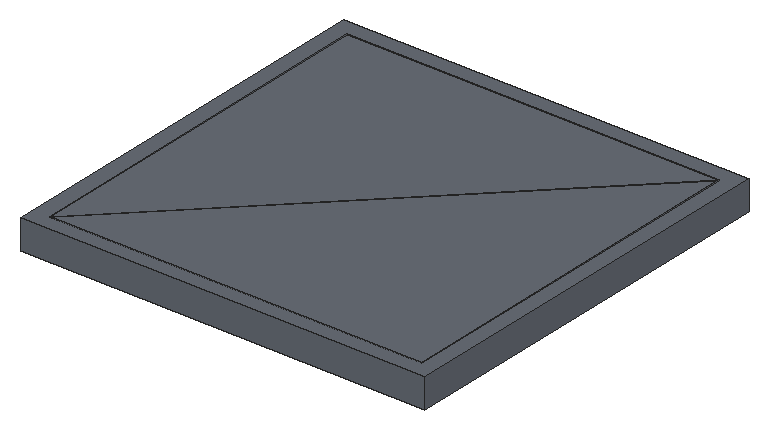
Revit family
Parameters
  URL = "http://www.meinertz.com/pictures_org/prodk.pdf"
  RL = (Grill Count * 24 mm) + 11 mm + 2 * Frame Offset  # 301 mm
  Model = "ProLine tilpasninger, Separat rist med profiler svejset i gering (B)"
  Manufacturer = "Meinertz"  # constant formula
  Length = 300 mm
  Keynote = "ProLine tilpasninger, Separat rist med profiler svejset i gering (B)"
  Grill Vertical = RAL 7024 GV
  Grill Horizontal = RAL 7024 GH
  Grill Count = (Length - (2 * Frame Offset) - 11 mm) / 24 mm  # 11
  GoGetNo = 6950  # constant formula
  Frame Offset = 13 mm
  Frame = RAL 7024
  Depth = 100 mm
Reference planes
  plane 1 "Center (Front/Back)": y = 0
  plane 2: z = 0
  plane 3 "Center (Left/Right)": x = 0
  plane 4: y = 150.5
  plane 5: y = -150.5
  plane 6: x = 150.5
  plane 7: x = -150.5
  plane 8: y = 137.5
  plane 9: x = -137.5
  plane 10: y = -137.5
  plane 11: x = 137.5
  plane 12: z = -100
  plane 13: z = -20
  plane 14: y = -126.5
  plane 15: x = -126.5
  plane 16: y = 126.5
Forms (mm)
  Extrusion 1, void
    sketch origin (0, 0, 0) x (1, 0, 0) y (0, 1, 0)
      loop
        line (-150.5, 150.5) -> (-150.5, -150.5) -> (150.5, -150.5) -> (150.5, 150.5) -> (-150.5, 150.5)
    from 0 to -100
  Extrusion 2, solid, material "RAL 7024" <- "Frame"
    sketch origin (0, 0, 0) x (1, 0, 0) y (0, 1, 0)
      loop
        line (-137.5, 137.5) -> (-137.5, -137.5) -> (137.5, -137.5) -> (137.5, 137.5) -> (-137.5, 137.5)
      loop
        line (-126.5, 126.5) -> (-126.5, -126.5) -> (126.5, -126.5) -> (126.5, 126.5) -> (-126.5, 126.5)
    from -20 to 0
  Extrusion 3, solid, material "RAL 7024 GH" <- "Grill Horizontal"
    sketch origin (0, 0, 0) x (1, 0, 0) y (0, 1, 0)
      loop
        line (-126.5, 126.5) -> (-126.5, -126.5) -> (126.5, 126.5) -> (-126.5, 126.5)
    from -20 to 0
  Extrusion 4, solid, material "RAL 7024 GV" <- "Grill Vertical"
    sketch origin (0, 0, 0) x (1, 0, 0) y (0, 1, 0)
      loop
        line (-126.5, -126.5) -> (126.5, -126.5) -> (126.5, 126.5) -> (-126.5, -126.5)
    from 0 to -20
Lines and regions (mm)
  Masking region 1
    outline origin (0, 0, 0) x (1, 0, 0) y (0, 1, 0)
      loop
        line (-126.5, 126.5) -> (-126.5, -126.5) -> (126.5, -126.5) -> (126.5, 126.5) -> (-126.5, 126.5)
Dimensions and locks
  equal spacing: plane 7, plane 3 "Center (Left/Right)", plane 6
  equal spacing: plane 4, plane 1 "Center (Front/Back)", plane 5
  "RL": plane 4 to plane 5
  "RL": plane 7 to plane 6
  "Frame Offset": plane 4 to plane 8
  "Frame Offset": plane 7 to plane 9
  "Frame Offset": plane 11 to plane 6
  "Frame Offset": plane 10 to plane 5
  "Depth": plane 2 to plane 12
  locked: plane 2 to plane 13 at 20
  locked: plane 14 to plane 10 at 11
  locked: plane 9 to plane 15 at 11
  locked: plane 8 to plane 16 at 11
  aligned and locked: plane 7 to Extrusion 1 sketch curve
  aligned and locked: Extrusion 1 sketch curve to plane 4
  aligned and locked: plane 5 to Extrusion 1 sketch curve
  aligned and locked: Extrusion 1 sketch curve to plane 6
  aligned and locked: Extrusion 1 to plane 2
  aligned and locked: Extrusion 1 to plane 12
  aligned and locked: plane 9 to Extrusion 2 sketch curve
  aligned and locked: Extrusion 2 sketch curve to plane 8
  aligned and locked: plane 10 to Extrusion 2 sketch curve
  aligned and locked: Extrusion 2 sketch curve to plane 11
  aligned and locked: Extrusion 4 to plane 13
  aligned and locked: Extrusion 2 to Extrusion 4
  aligned and locked: plane 2 to Extrusion 2
  aligned and locked: Extrusion 2 to Extrusion 3
  aligned and locked: plane 2 to Extrusion 4
  aligned and locked: plane 2 to Extrusion 3
  aligned and locked: plane 14 to nested 1
  aligned and locked: nested 1 to plane 15
  aligned and locked: nested 1 to plane 16
  aligned and locked: Extrusion 2 to Masking region 1 sketch curve
  aligned and locked: Masking region 1 sketch curve to Extrusion 2  (x3)
Automatic sketch dimensions
  plane 9 to Extrusion 2 sketch curve = 11 mm
  Extrusion 2 sketch curve to plane 8 = 11 mm
  Extrusion 2 sketch curve to plane 11 = 11 mm
  plane 10 to Extrusion 2 sketch curve = 11 mm
  plane 9 to Extrusion 3 sketch curve = 11 mm
  Extrusion 3 sketch curve to plane 11 = 11 mm
  plane 10 to Extrusion 3 sketch curve = 11 mm
  Extrusion 3 sketch curve to plane 8 = 11 mm
  plane 9 to Extrusion 4 sketch curve = 11 mm
  Extrusion 4 sketch curve to plane 11 = 11 mm
  plane 10 to Extrusion 4 sketch curve = 11 mm
  Extrusion 4 sketch curve to plane 8 = 11 mm
Nested families
  nested 1: "Grill Box" at (-126.5, -126.5, 0), type "Grill"
    with Start 13 mm, Second 11 mm, Length 253 mm, Big yes
Definition of nested family "Grill Box"
  Parameters (values of type "Grill")
    Start [instance] = if(Big, 13 mm, 11 mm)  # 13 mm
    Second [instance] = if(Big, 11 mm, 13 mm)  # 11 mm
    Length [instance] = 600 mm
    Big [instance] = yes
    Assembly Code = ""
  Reference planes
    plane 1 "Center (Front/Back)": y = 0
    plane 2: z = 0
    plane 3 "Center (Left/Right)": x = 0
    plane 4: y = 600
    plane 5: x = 600
    plane 6: through (0, 0, 4000) normal (-0.7071, 0.7071, 0)
    plane 7: y = 24
  Lines and regions (mm)
    Filled region 1, type "Base Hor", in view "Ref. Level"
      outline origin (0, 0, 0) x (1, 0, 0) y (0, 1, 0)
        loop
          line (0, 600) -> (0, 0) -> (600, 600) -> (0, 600)
    Filled region 2, type "Top Hor", in view "Ref. Level"
      outline origin (45.053, 31.547, 0) x (1, 0, 0) y (0, 1, 0)
        loop
          line (-45.053, 568.453) -> (-45.053, -31.547) -> (554.947, 568.453) -> (-45.053, 568.453)
    Filled region 3, type "Base Hor", in view "Ref. Level"
      outline origin (0, 0, 0) x (1, 0, 0) y (0, 1, 0)
        loop
          line (0, 0) -> (600, 0) -> (600, 600) -> (0, 0)
    Filled region 4, type "Top Hor", in view "Ref. Level"
      outline origin (0, 0, 0) x (1, 0, 0) y (0, 1, 0)
        loop
          line (0, 0) -> (600, 0) -> (600, 600) -> (0, 0)
  Dimensions and locks
    "Length": plane 4 to plane 1 "Center (Front/Back)"
    "Length": plane 3 "Center (Left/Right)" to plane 5
    "Start": plane 3 "Center (Left/Right)" to Filled region 3
    "Second": Filled region 3 to Filled region 4
    "Start": plane 1 "Center (Front/Back)" to Filled region 2
    "Second": Filled region 2 to Filled region 1
    aligned and locked: plane 4 to Filled region 2
    aligned and locked: Filled region 1 to plane 3 "Center (Left/Right)"
    aligned and locked: Filled region 2 sketch curve to plane 6
    aligned and locked: Filled region 1 sketch curve to plane 6
    aligned and locked: plane 3 "Center (Left/Right)" to Filled region 2 sketch curve
    aligned and locked: Filled region 1 to plane 7
  Automatic sketch dimensions
    Filled region 1 sketch curve to plane 1 "Center (Front/Back)" = 0 mm
    Filled region 1 sketch curve to plane 4 = 0 mm
    Filled region 2 sketch curve to plane 4 = 0 mm
    Filled region 3 sketch curve to plane 1 "Center (Front/Back)" = 0 mm
    Filled region 3 sketch curve to plane 3 "Center (Left/Right)" = 0 mm
    Filled region 3 sketch curve to plane 5 = 0 mm
    Filled region 3 sketch curve to plane 4 = 0 mm
    Filled region 4 sketch curve to plane 1 "Center (Front/Back)" = 0 mm
    Filled region 4 sketch curve to plane 3 "Center (Left/Right)" = 0 mm
    Filled region 4 sketch curve to plane 5 = 0 mm
    Filled region 4 sketch curve to plane 4 = 0 mm
